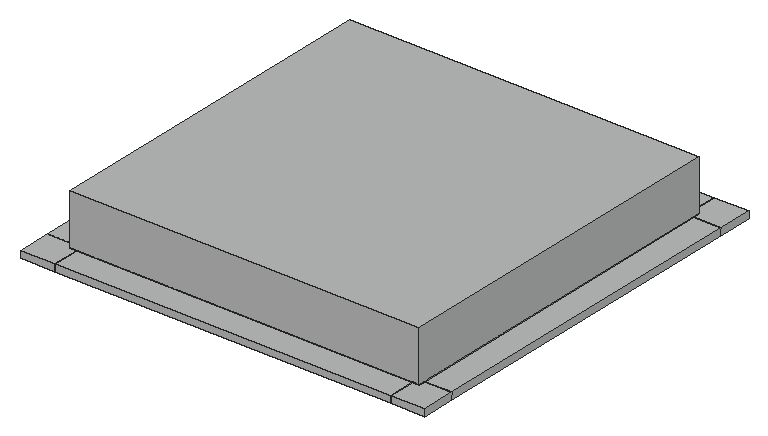
Revit family "ALUMOGIPS", category Осветительные приборы, Revit 2019 (continued)
Types (72, lengths in mm): name | Файл фотометрической сетки | built-in parameter 1150105 | Lumens | built-in parameter 1150106 | built-in parameter 1150142 | Wattage | Emit from Rectangle Width | Emit from Rectangle Length | Длина | Материал светильника | Ширина | ADSK_Ток | ADSK_Полная мощность | ADSK_Обозначение | ADSK_Номинальная мощность | ADSK_Наименование | ADSK_Масса | ADSK_Код изделия
  Alumogips-38/opal-sand 595х595 (IP54, 4000К, серый) c БАП на 3 часа | "Светильник ALUMOGIPS-38 OPAL-SAND-(595x595).IES" | 302.39 (stored number, unit not read) | 3800 lm | 3.0239 (stored number, unit not read) | "IESNA:LM-63-95\r\n[TEST] Протокол № 50-12 \r\n[DATA] 20.06.2016\r\n[MORE] \r\n[MANUFAC] ЗАО \"Центрстройсвет\"\r\n[LUMCAT]  Светильник ALUMOGIPS-38/OPAL-SAND-(595x595)\r\n[LUMINAIRE]\r\n[LAMPCAT] Светодиоды\r\n[LAMP] Поток источника света (светодиодов) не известен\r\n[MORE] КСС приведена в абсолютных величинах кд\r\n[MORE] Вместо потока лампы, указан поток светильника.\r\nTILT=NONE\r\n1    3750 1.0 37 73 1 2 0.595 0.595 0.04\r\n1.0 1.0 38.7\r\n0.0 5.0 10.0 15.0 20.0 25.0 30.0 35.0 40.0 45.0 50.0 55.0 60.0 65.0 70.0 75.0 80.0 85.0 90.0 95.0 100.0 105.0 110.0 115.0 120.0 125.0 130.0 135.0 140.0 145.0 150.0 155.0 160.0 165.0 170.0 175.0 180.0\r\n0.0 5.0 10.0 15.0 20.0 25.0 30.0 35.0 40.0 45.0 50.0 55.0 60.0 65.0 70.0 75.0 80.0 85.0 90.0 95.0 100.0 105.0 110.0 115.0 120.0 125.0 130.0 135.0 140.0 145.0 150.0 155.0 160.0 165.0 170.0 175.0 180.0 185.0 190.0 195.0 200.0 205.0 210.0 215.0 220.0 225.0 230.0 235.0 240.0 245.0 250.0 255.0 260.0 265.0 270.0 275.0 280.0 285.0 290.0 295.0 300.0 305.0 310.0 315.0 320.0 325.0 330.0 335.0 340.0 345.0 350.0 355.0 360.0\r\n1391.4 1390.6 1365.7 1330.6 1277.5 1214.9 1147.5 1059.6 967.6 873.2 772.4 664.9 556.3 449.1 342.7 240.6 147.1 64.2 4.7 0.0 0.0 0.0 0.0 0.0 0.0 0.0 0.0 0.0 0.0 0.0 0.0 0.0 0.0 0.0 0.0 0.0 0.0\r\n1391.4 1390.5 1367.8 1332.7 1284.3 1221.3 1147.0 1062.1 969.2 872.4 773.2 666.3 557.1 450.1 343.8 241.9 146.9 64.7 5.2 0.0 0.0 0.0 0.0 0.0 0.0 0.0 0.0 0.0 0.0 0.0 0.0 0.0 0.0 0.0 0.0 0.0 0.0\r\n1391.4 1390.2 1372.0 1333.3 1277.3 1216.8 1144.5 1057.4 969.6 875.1 773.8 669.5 560.0 454.6 345.8 242.4 148.5 65.8 5.4 0.0 0.0 0.0 0.0 0.0 0.0 0.0 0.0 0.0 0.0 0.0 0.0 0.0 0.0 0.0 0.0 0.0 0.0\r\n1391.4 1389.8 1371.2 1330.7 1279.5 1220.5 1148.3 1059.9 967.7 873.2 767.5 666.8 561.4 453.0 347.1 243.7 149.9 65.6 5.8 0.0 0.0 0.0 0.0 0.0 0.0 0.0 0.0 0.0 0.0 0.0 0.0 0.0 0.0 0.0 0.0 0.0 0.0\r\n1391.4 1389.8 1368.3 1329.3 1285.0 1214.6 1141.1 1058.7 971.8 871.3 775.2 666.9 559.4 452.6 345.8 242.5 150.0 65.8 6.1 0.0 0.0 0.0 0.0 0.0 0.0 0.0 0.0 0.0 0.0 0.0 0.0 0.0 0.0 0.0 0.0 0.0 0.0\r\n1391.4 1390.5 1367.3 1332.3 1281.7 1219.0 1142.8 1064.6 970.5 874.4 772.1 667.5 560.2 453.0 346.2 241.8 149.4 65.7 5.6 0.0 0.0 0.0 0.0 0.0 0.0 0.0 0.0 0.0 0.0 0.0 0.0 0.0 0.0 0.0 0.0 0.0 0.0\r\n1391.4 1391.4 1368.1 1333.5 1277.3 1215.7 1139.0 1059.6 968.1 872.4 771.6 667.4 558.8 453.3 344.3 243.9 148.4 65.7 5.4 0.0 0.0 0.0 0.0 0.0 0.0 0.0 0.0 0.0 0.0 0.0 0.0 0.0 0.0 0.0 0.0 0.0 0.0\r\n1391.4 1391.7 1368.1 1330.4 1278.2 1213.9 1142.4 1061.6 967.4 875.1 772.0 669.3 561.1 452.5 345.2 242.1 148.3 65.4 5.5 0.0 0.0 0.0 0.0 0.0 0.0 0.0 0.0 0.0 0.0 0.0 0.0 0.0 0.0 0.0 0.0 0.0 0.0\r\n1391.4 1391.5 1371.0 1328.4 1278.5 1216.7 1142.1 1061.2 971.8 874.7 772.1 668.9 560.8 452.9 345.4 243.3 147.7 66.0 5.4 0.0 0.0 0.0 0.0 0.0 0.0 0.0 0.0 0.0 0.0 0.0 0.0 0.0 0.0 0.0 0.0 0.0 0.0\r\n1391.4 1391.5 1373.2 1330.5 1277.3 1215.5 1143.2 1063.6 967.0 872.7 772.2 669.4 558.9 453.2 346.6 241.9 148.1 65.2 5.5 0.0 0.0 0.0 0.0 0.0 0.0 0.0 0.0 0.0 0.0 0.0 0.0 0.0 0.0 0.0 0.0 0.0 0.0\r\n1391.4 1391.4 1369.7 1328.3 1281.3 1216.0 1139.8 1057.9 968.7 875.3 773.9 667.6 561.8 454.0 344.0 243.1 147.2 65.6 5.5 0.0 0.0 0.0 0.0 0.0 0.0 0.0 0.0 0.0 0.0 0.0 0.0 0.0 0.0 0.0 0.0 0.0 0.0\r\n1391.4 1390.5 1367.9 1330.1 1278.1 1218.1 1138.9 1061.0 970.0 871.8 770.4 669.3 560.2 453.4 346.9 242.1 148.3 65.2 5.2 0.0 0.0 0.0 0.0 0.0 0.0 0.0 0.0 0.0 0.0 0.0 0.0 0.0 0.0 0.0 0.0 0.0 0.0\r\n1391.4 1389.3 1368.2 1329.1 1280.8 1214.4 1142.5 1059.2 967.2 874.3 772.4 668.0 563.1 452.3 345.7 242.8 146.8 64.9 5.1 0.0 0.0 0.0 0.0 0.0 0.0 0.0 0.0 0.0 0.0 0.0 0.0 0.0 0.0 0.0 0.0 0.0 0.0\r\n1391.4 1388.6 1367.4 1327.8 1278.0 1215.7 1141.0 1061.0 971.5 877.3 771.2 667.3 561.5 453.0 346.4 242.4 146.3 64.8 5.2 0.0 0.0 0.0 0.0 0.0 0.0 0.0 0.0 0.0 0.0 0.0 0.0 0.0 0.0 0.0 0.0 0.0 0.0\r\n1391.4 1388.0 1367.6 1326.7 1278.3 1218.0 1140.9 1061.5 968.4 873.4 770.1 666.6 562.1 454.6 344.8 241.8 146.4 64.0 5.5 0.0 0.0 0.0 0.0 0.0 0.0 0.0 0.0 0.0 0.0 0.0 0.0 0.0 0.0 0.0 0.0 0.0 0.0\r\n1391.4 1387.2 1366.1 1331.0 1281.4 1216.3 1142.7 1059.1 969.4 871.5 772.2 667.3 560.5 453.0 344.4 242.2 146.4 63.8 5.6 0.0 0.0 0.0 0.0 0.0 0.0 0.0 0.0 0.0 0.0 0.0 0.0 0.0 0.0 0.0 0.0 0.0 0.0\r\n1391.4 1387.1 1366.3 1328.7 1276.9 1214.5 1141.2 1059.3 968.4 874.3 775.5 668.3 562.5 454.9 346.4 241.3 146.2 63.5 5.7 0.0 0.0 0.0 0.0 0.0 0.0 0.0 0.0 0.0 0.0 0.0 0.0 0.0 0.0 0.0 0.0 0.0 0.0\r\n1391.4 1388.4 1366.0 1329.7 1279.2 1217.9 1140.0 1060.5 969.0 873.9 772.0 671.3 560.4 453.2 343.7 241.7 145.8 63.7 5.4 0.0 0.0 0.0 0.0 0.0 0.0 0.0 0.0 0.0 0.0 0.0 0.0 0.0 0.0 0.0 0.0 0.0 0.0\r\n1391.4 1389.6 1367.7 1329.3 1277.2 1211.1 1140.1 1061.0 971.0 871.2 769.2 669.1 561.5 453.1 343.3 241.9 145.8 63.4 5.2 0.0 0.0 0.0 0.0 0.0 0.0 0.0 0.0 0.0 0.0 0.0 0.0 0.0 0.0 0.0 0.0 0.0 0.0\r\n1391.4 1388.8 1366.9 1327.1 1279.4 1214.2 1142.5 1056.4 970.7 870.3 771.0 665.1 560.4 453.3 343.8 241.1 145.7 63.4 5.2 0.0 0.0 0.0 0.0 0.0 0.0 0.0 0.0 0.0 0.0 0.0 0.0 0.0 0.0 0.0 0.0 0.0 0.0\r\n1391.4 1387.2 1365.8 1328.9 1276.6 1210.2 1141.4 1059.3 966.6 871.4 770.5 667.4 559.2 451.4 344.2 241.0 145.6 63.2 5.1 0.0 0.0 0.0 0.0 0.0 0.0 0.0 0.0 0.0 0.0 0.0 0.0 0.0 0.0 0.0 0.0 0.0 0.0\r\n1391.4 1386.8 1364.4 1329.8 1279.4 1213.7 1144.0 1059.0 965.3 873.7 768.8 668.9 559.4 449.5 342.6 241.5 144.6 63.4 5.0 0.0 0.0 0.0 0.0 0.0 0.0 0.0 0.0 0.0 0.0 0.0 0.0 0.0 0.0 0.0 0.0 0.0 0.0\r\n1391.4 1388.1 1365.8 1328.1 1273.8 1213.4 1137.9 1059.2 967.3 869.2 769.3 667.7 558.4 451.4 344.0 240.6 145.7 63.4 4.9 0.0 0.0 0.0 0.0 0.0 0.0 0.0 0.0 0.0 0.0 0.0 0.0 0.0 0.0 0.0 0.0 0.0 0.0\r\n1391.4 1389.2 1364.4 1323.2 1276.3 1213.8 1137.6 1055.3 963.1 871.0 767.7 664.1 559.7 447.1 342.4 240.1 145.2 63.9 5.1 0.0 0.0 0.0 0.0 0.0 0.0 0.0 0.0 0.0 0.0 0.0 0.0 0.0 0.0 0.0 0.0 0.0 0.0\r\n1391.4 1388.4 1362.3 1326.8 1274.4 1212.2 1137.9 1054.7 966.7 867.9 768.7 663.4 557.3 449.2 343.3 240.0 145.7 63.6 5.0 0.0 0.0 0.0 0.0 0.0 0.0 0.0 0.0 0.0 0.0 0.0 0.0 0.0 0.0 0.0 0.0 0.0 0.0\r\n1391.4 1386.2 1361.8 1326.5 1273.3 1211.2 1134.5 1048.6 964.3 866.3 767.8 662.9 556.7 449.5 341.9 239.8 145.7 63.7 5.0 0.0 0.0 0.0 0.0 0.0 0.0 0.0 0.0 0.0 0.0 0.0 0.0 0.0 0.0 0.0 0.0 0.0 0.0\r\n1391.4 1384.4 1363.5 1324.4 1272.0 1209.5 1137.2 1053.0 960.2 867.5 767.9 662.7 556.7 449.2 342.5 239.1 146.2 63.8 4.8 0.0 0.0 0.0 0.0 0.0 0.0 0.0 0.0 0.0 0.0 0.0 0.0 0.0 0.0 0.0 0.0 0.0 0.0\r\n1391.4 1383.7 1362.4 1324.4 1274.0 1209.5 1134.4 1050.1 965.4 864.9 764.6 662.3 556.6 447.9 340.5 240.3 145.5 64.6 4.6 0.0 0.0 0.0 0.0 0.0 0.0 0.0 0.0 0.0 0.0 0.0 0.0 0.0 0.0 0.0 0.0 0.0 0.0\r\n1391.4 1384.4 1361.9 1326.9 1270.2 1207.3 1132.7 1050.1 959.7 867.7 763.1 662.2 555.0 447.3 343.0 238.3 145.8 63.9 4.7 0.0 0.0 0.0 0.0 0.0 0.0 0.0 0.0 0.0 0.0 0.0 0.0 0.0 0.0 0.0 0.0 0.0 0.0\r\n1391.4 1385.1 1363.0 1320.0 1270.4 1207.9 1134.4 1055.0 963.5 867.3 766.7 660.7 555.9 450.1 342.6 240.2 145.9 64.3 4.9 0.0 0.0 0.0 0.0 0.0 0.0 0.0 0.0 0.0 0.0 0.0 0.0 0.0 0.0 0.0 0.0 0.0 0.0\r\n1391.4 1384.9 1362.3 1321.4 1273.1 1208.0 1135.4 1052.3 961.9 865.0 764.0 660.8 553.5 447.6 341.2 240.3 146.1 63.8 4.8 0.0 0.0 0.0 0.0 0.0 0.0 0.0 0.0 0.0 0.0 0.0 0.0 0.0 0.0 0.0 0.0 0.0 0.0\r\n1391.4 1383.8 1361.2 1322.1 1265.1 1211.5 1132.8 1049.3 961.3 863.4 764.0 661.0 550.7 447.9 341.0 240.1 146.2 63.8 4.6 0.0 0.0 0.0 0.0 0.0 0.0 0.0 0.0 0.0 0.0 0.0 0.0 0.0 0.0 0.0 0.0 0.0 0.0\r\n1391.4 1382.8 1359.3 1321.5 1269.3 1206.8 1132.8 1051.1 958.3 863.2 763.1 662.7 553.4 448.0 340.4 240.0 145.8 63.8 4.0 0.0 0.0 0.0 0.0 0.0 0.0 0.0 0.0 0.0 0.0 0.0 0.0 0.0 0.0 0.0 0.0 0.0 0.0\r\n1391.4 1382.6 1359.0 1319.6 1268.1 1204.3 1129.8 1049.0 957.7 861.8 761.7 658.4 554.2 446.1 340.4 239.0 145.6 63.8 3.8 0.0 0.0 0.0 0.0 0.0 0.0 0.0 0.0 0.0 0.0 0.0 0.0 0.0 0.0 0.0 0.0 0.0 0.0\r\n1391.4 1382.8 1358.5 1315.8 1266.5 1202.1 1128.5 1049.2 957.6 860.0 762.1 658.2 549.9 443.8 339.6 238.4 145.7 63.6 3.7 0.0 0.0 0.0 0.0 0.0 0.0 0.0 0.0 0.0 0.0 0.0 0.0 0.0 0.0 0.0 0.0 0.0 0.0\r\n1391.4 1382.2 1360.5 1319.2 1265.9 1204.5 1129.9 1046.9 955.0 862.9 758.9 657.9 552.5 444.9 338.9 238.8 145.3 63.6 3.3 0.0 0.0 0.0 0.0 0.0 0.0 0.0 0.0 0.0 0.0 0.0 0.0 0.0 0.0 0.0 0.0 0.0 0.0\r\n1391.4 1381.1 1361.2 1321.0 1268.1 1203.8 1128.8 1047.4 955.6 863.7 761.1 656.4 551.5 445.2 339.2 238.5 144.7 62.5 3.5 0.0 0.0 0.0 0.0 0.0 0.0 0.0 0.0 0.0 0.0 0.0 0.0 0.0 0.0 0.0 0.0 0.0 0.0\r\n1391.4 1380.6 1359.0 1316.4 1268.5 1204.0 1126.1 1049.5 956.2 859.6 759.7 656.5 549.2 444.3 338.4 236.1 143.8 61.6 3.2 0.0 0.0 0.0 0.0 0.0 0.0 0.0 0.0 0.0 0.0 0.0 0.0 0.0 0.0 0.0 0.0 0.0 0.0\r\n1391.4 1380.7 1356.6 1316.0 1267.0 1205.6 1130.3 1044.8 956.9 856.7 759.3 653.5 548.1 441.9 335.3 235.4 141.4 60.3 2.9 0.0 0.0 0.0 0.0 0.0 0.0 0.0 0.0 0.0 0.0 0.0 0.0 0.0 0.0 0.0 0.0 0.0 0.0\r\n1391.4 1380.4 1354.4 1317.9 1268.8 1199.0 1129.0 1044.0 956.9 860.6 758.3 656.9 549.1 442.0 334.4 236.1 141.7 60.5 2.6 0.0 0.0 0.0 0.0 0.0 0.0 0.0 0.0 0.0 0.0 0.0 0.0 0.0 0.0 0.0 0.0 0.0 0.0\r\n1391.4 1380.1 1356.7 1322.1 1264.6 1201.7 1129.9 1047.4 957.2 859.7 758.2 656.1 549.4 442.8 335.3 235.8 141.3 60.6 2.3 0.0 0.0 0.0 0.0 0.0 0.0 0.0 0.0 0.0 0.0 0.0 0.0 0.0 0.0 0.0 0.0 0.0 0.0\r\n1391.4 1379.9 1357.3 1317.5 1265.9 1207.8 1129.2 1046.5 955.7 860.2 758.6 656.9 550.7 441.9 335.4 233.9 140.6 60.2 2.4 0.0 0.0 0.0 0.0 0.0 0.0 0.0 0.0 0.0 0.0 0.0 0.0 0.0 0.0 0.0 0.0 0.0 0.0\r\n1391.4 1379.2 1355.5 1314.6 1269.3 1203.7 1133.5 1044.8 957.2 857.9 762.0 656.6 548.7 440.4 335.9 234.5 140.4 59.8 2.8 0.0 0.0 0.0 0.0 0.0 0.0 0.0 0.0 0.0 0.0 0.0 0.0 0.0 0.0 0.0 0.0 0.0 0.0\r\n1391.4 1377.9 1357.1 1319.2 1271.9 1204.4 1128.6 1050.2 953.1 856.9 757.6 653.7 548.9 439.9 335.4 232.4 140.5 59.2 3.0 0.0 0.0 0.0 0.0 0.0 0.0 0.0 0.0 0.0 0.0 0.0 0.0 0.0 0.0 0.0 0.0 0.0 0.0\r\n1391.4 1377.2 1356.3 1322.9 1266.0 1204.8 1132.2 1049.0 958.1 859.3 759.0 654.6 547.0 441.6 334.9 232.1 139.3 58.8 2.9 0.0 0.0 0.0 0.0 0.0 0.0 0.0 0.0 0.0 0.0 0.0 0.0 0.0 0.0 0.0 0.0 0.0 0.0\r\n1391.4 1377.8 1353.8 1319.7 1269.6 1207.9 1135.8 1049.5 955.8 858.0 762.4 655.9 548.2 441.6 335.6 231.7 139.4 58.8 2.8 0.0 0.0 0.0 0.0 0.0 0.0 0.0 0.0 0.0 0.0 0.0 0.0 0.0 0.0 0.0 0.0 0.0 0.0\r\n1391.4 1378.5 1355.2 1319.8 1267.3 1206.5 1131.2 1046.1 954.6 861.2 756.6 653.8 548.1 440.3 335.0 232.6 138.6 59.0 2.9 0.0 0.0 0.0 0.0 0.0 0.0 0.0 0.0 0.0 0.0 0.0 0.0 0.0 0.0 0.0 0.0 0.0 0.0\r\n1391.4 1378.6 1355.1 1318.3 1269.7 1200.8 1133.1 1049.0 957.6 862.5 762.4 656.9 549.3 443.5 334.7 231.2 138.8 58.1 3.0 0.0 0.0 0.0 0.0 0.0 0.0 0.0 0.0 0.0 0.0 0.0 0.0 0.0 0.0 0.0 0.0 0.0 0.0\r\n1391.4 1378.8 1355.8 1321.7 1268.8 1210.0 1129.0 1048.5 958.8 862.4 762.2 656.4 549.0 441.1 335.4 231.5 138.5 58.1 3.0 0.0 0.0 0.0 0.0 0.0 0.0 0.0 0.0 0.0 0.0 0.0 0.0 0.0 0.0 0.0 0.0 0.0 0.0\r\n1391.4 1379.6 1357.6 1321.7 1269.0 1207.1 1133.9 1047.0 964.1 863.3 761.9 656.4 551.5 440.7 334.9 232.2 137.6 58.1 2.8 0.0 0.0 0.0 0.0 0.0 0.0 0.0 0.0 0.0 0.0 0.0 0.0 0.0 0.0 0.0 0.0 0.0 0.0\r\n1391.4 1380.6 1357.7 1319.2 1272.0 1207.5 1131.3 1054.6 959.0 863.3 764.8 655.9 549.1 443.0 335.1 231.3 138.0 58.1 2.7 0.0 0.0 0.0 0.0 0.0 0.0 0.0 0.0 0.0 0.0 0.0 0.0 0.0 0.0 0.0 0.0 0.0 0.0\r\n1391.4 1381.5 1358.5 1321.9 1271.0 1204.1 1135.9 1055.8 962.5 865.5 761.1 656.9 550.6 442.0 335.3 231.9 137.4 57.9 2.6 0.0 0.0 0.0 0.0 0.0 0.0 0.0 0.0 0.0 0.0 0.0 0.0 0.0 0.0 0.0 0.0 0.0 0.0\r\n1391.4 1381.3 1358.5 1322.3 1270.8 1207.2 1133.7 1051.9 958.0 867.3 767.5 657.0 552.1 442.3 333.6 231.2 137.9 57.8 2.6 0.0 0.0 0.0 0.0 0.0 0.0 0.0 0.0 0.0 0.0 0.0 0.0 0.0 0.0 0.0 0.0 0.0 0.0\r\n1391.4 1380.6 1359.4 1319.7 1270.6 1209.0 1133.0 1052.1 963.9 867.5 764.1 660.0 554.0 443.3 334.8 231.7 137.6 57.8 2.7 0.0 0.0 0.0 0.0 0.0 0.0 0.0 0.0 0.0 0.0 0.0 0.0 0.0 0.0 0.0 0.0 0.0 0.0\r\n1391.4 1381.3 1359.9 1321.3 1270.6 1204.8 1135.0 1051.3 962.1 865.5 761.7 660.3 553.1 443.5 334.1 231.9 137.9 57.8 2.8 0.0 0.0 0.0 0.0 0.0 0.0 0.0 0.0 0.0 0.0 0.0 0.0 0.0 0.0 0.0 0.0 0.0 0.0\r\n1391.4 1383.1 1362.1 1324.8 1273.8 1208.7 1134.8 1055.9 961.8 866.4 762.3 659.7 552.4 443.7 334.4 232.8 138.0 58.0 2.8 0.0 0.0 0.0 0.0 0.0 0.0 0.0 0.0 0.0 0.0 0.0 0.0 0.0 0.0 0.0 0.0 0.0 0.0\r\n1391.4 1384.6 1360.4 1321.7 1272.0 1210.6 1130.9 1052.5 963.1 866.7 767.4 659.3 553.7 444.6 335.4 233.1 138.3 58.0 2.8 0.0 0.0 0.0 0.0 0.0 0.0 0.0 0.0 0.0 0.0 0.0 0.0 0.0 0.0 0.0 0.0 0.0 0.0\r\n1391.4 1385.6 1357.5 1324.7 1273.9 1211.6 1134.3 1052.7 963.6 865.4 763.1 658.7 552.2 444.9 336.9 232.8 138.8 58.6 2.9 0.0 0.0 0.0 0.0 0.0 0.0 0.0 0.0 0.0 0.0 0.0 0.0 0.0 0.0 0.0 0.0 0.0 0.0\r\n1391.4 1386.4 1357.8 1323.4 1273.2 1212.2 1136.3 1054.7 967.5 867.5 764.0 659.4 553.3 443.7 336.8 233.2 138.9 58.5 3.1 0.0 0.0 0.0 0.0 0.0 0.0 0.0 0.0 0.0 0.0 0.0 0.0 0.0 0.0 0.0 0.0 0.0 0.0\r\n1391.4 1386.6 1362.0 1324.9 1273.2 1211.3 1139.0 1049.9 960.3 866.4 768.0 661.3 552.2 443.4 336.3 233.4 139.8 58.9 3.1 0.0 0.0 0.0 0.0 0.0 0.0 0.0 0.0 0.0 0.0 0.0 0.0 0.0 0.0 0.0 0.0 0.0 0.0\r\n1391.4 1386.0 1360.5 1326.0 1271.8 1212.0 1137.2 1059.3 963.5 867.6 766.9 661.2 552.3 445.8 337.8 233.6 141.0 59.2 3.3 0.0 0.0 0.0 0.0 0.0 0.0 0.0 0.0 0.0 0.0 0.0 0.0 0.0 0.0 0.0 0.0 0.0 0.0\r\n1391.4 1385.0 1362.3 1325.1 1272.0 1207.1 1138.5 1053.6 964.5 865.8 766.5 661.6 554.3 445.9 337.0 234.5 140.4 60.2 3.5 0.0 0.0 0.0 0.0 0.0 0.0 0.0 0.0 0.0 0.0 0.0 0.0 0.0 0.0 0.0 0.0 0.0 0.0\r\n1391.4 1384.4 1361.8 1323.6 1274.0 1214.8 1138.9 1053.9 968.0 867.9 769.0 663.8 555.6 446.7 339.6 235.0 141.3 60.4 3.4 0.0 0.0 0.0 0.0 0.0 0.0 0.0 0.0 0.0 0.0 0.0 0.0 0.0 0.0 0.0 0.0 0.0 0.0\r\n1391.4 1385.0 1360.9 1322.2 1272.4 1209.8 1137.2 1055.7 962.7 869.7 769.6 658.2 556.6 447.4 338.5 236.2 142.5 60.7 3.4 0.0 0.0 0.0 0.0 0.0 0.0 0.0 0.0 0.0 0.0 0.0 0.0 0.0 0.0 0.0 0.0 0.0 0.0\r\n1391.4 1386.6 1363.1 1323.6 1272.5 1211.5 1139.2 1058.4 969.9 868.0 768.8 664.6 556.3 445.8 342.1 236.1 142.3 61.2 3.5 0.0 0.0 0.0 0.0 0.0 0.0 0.0 0.0 0.0 0.0 0.0 0.0 0.0 0.0 0.0 0.0 0.0 0.0\r\n1391.4 1388.6 1360.9 1330.2 1273.7 1213.2 1138.7 1058.3 966.2 867.0 766.8 663.4 553.3 447.1 339.2 238.7 143.0 61.4 3.8 0.0 0.0 0.0 0.0 0.0 0.0 0.0 0.0 0.0 0.0 0.0 0.0 0.0 0.0 0.0 0.0 0.0 0.0\r\n1391.4 1389.8 1360.8 1328.4 1276.8 1216.0 1140.1 1055.8 963.1 870.3 768.4 663.1 554.0 449.1 340.1 237.3 144.8 61.7 3.8 0.0 0.0 0.0 0.0 0.0 0.0 0.0 0.0 0.0 0.0 0.0 0.0 0.0 0.0 0.0 0.0 0.0 0.0\r\n1391.4 1389.3 1362.5 1325.9 1278.0 1210.4 1138.2 1054.7 967.8 872.7 770.2 661.9 556.5 446.9 341.3 237.7 144.4 62.5 3.9 0.0 0.0 0.0 0.0 0.0 0.0 0.0 0.0 0.0 0.0 0.0 0.0 0.0 0.0 0.0 0.0 0.0 0.0\r\n1391.4 1387.8 1365.8 1326.6 1274.3 1213.2 1141.4 1053.1 966.2 871.2 768.4 663.7 555.0 447.1 341.3 238.2 144.3 62.7 4.1 0.0 0.0 0.0 0.0 0.0 0.0 0.0 0.0 0.0 0.0 0.0 0.0 0.0 0.0 0.0 0.0 0.0 0.0\r\n1391.4 1387.2 1364.2 1328.3 1274.8 1209.4 1145.0 1060.0 963.9 867.5 766.5 663.4 556.7 448.2 340.9 240.3 144.7 63.3 4.0 0.0 0.0 0.0 0.0 0.0 0.0 0.0 0.0 0.0 0.0 0.0 0.0 0.0 0.0 0.0 0.0 0.0 0.0\r\n1391.4 1388.4 1364.9 1332.6 1279.0 1215.6 1140.9 1056.3 969.3 867.1 770.0 663.8 559.0 449.0 342.4 240.3 145.7 63.3 4.7 0.0 0.0 0.0 0.0 0.0 0.0 0.0 0.0 0.0 0.0 0.0 0.0 0.0 0.0 0.0 0.0 0.0 0.0\r\n1391.4 1390.0 1364.5 1329.3 1281.4 1217.7 1141.3 1063.3 970.3 871.1 768.8 663.5 555.2 449.3 342.4 239.8 146.6 63.3 4.9 0.0 0.0 0.0 0.0 0.0 0.0 0.0 0.0 0.0 0.0 0.0 0.0 0.0 0.0 0.0 0.0 0.0 0.0\r\n1391.4 1390.6 1365.7 1330.6 1277.5 1214.9 1147.5 1059.6 967.6 873.2 772.4 664.9 556.3 449.1 342.7 240.6 147.1 64.2 4.7 0.0 0.0 0.0 0.0 0.0 0.0 0.0 0.0 0.0 0.0 0.0 0.0 0.0 0.0 0.0 0.0 0.0 0.0\r\n" | 25.582 W | 575 | 575 | 595 | RAL 9006 | 595 | 0.179584 A | 41.3043 VA | "Alumogips-38/opal-sand 595х595 (IP54, 4000К, серый)" | 38 W | "Встраиваемый светодиодный светильник Alumogips-38/opal-sand 595х595 (IP54, 4000К, серый) c БАП на 3 час" | 2.4 | "ЦБ000
    008033"
